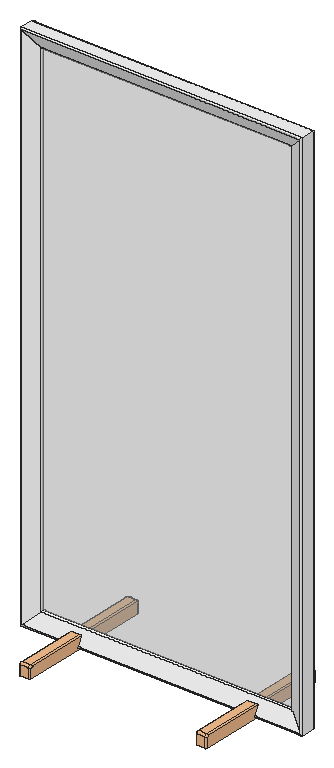
Revit family "Magnuson-Parban-Space_Divider--", category Furniture, Revit 2016
Family settings
  OmniClass Number = 23.40.20.00
  OmniClass Title = General Furniture and Specialties
  Work Plane-Based = No
  Always vertical = Yes
  Cut with Voids When Loaded = No
  Shared = No
  Room Calculation Point = No
Parameters (values of type "PARBAN-L")
  Width = 37 3/8"
  URL = "www.magnusongroup.com"
  Type Comments = "Parban"  # constant formula
  Screen Finish = MAG - Aluminum Mesh
  Salvage or Reuse = yes
  Percentage of Recycled Content = 0
  Model = "PARBAN-L"
  Manufacturer = "Magnuson Group"  # constant formula
  Low Emitting Material = yes
  Low Emitting Finish = yes
  Keynote = "12500"
  Height = 71 1/2"
  Glide Finish = MAG - Plastic Black
  Frame Finish = MAG - Paint Matte White
  Description = "Space Dividers 71 1/2\"H"
  Depth = 18"
  Base Finish = MAG - Natural Oak
  Assembly Code = "E2020200"
Types (3): name | Model | Height | Description
  (no name) | "PARBAN-L" | 71 1/2" | "Space Dividers 71 1/2\"H"
  PARBAN-L | "PARBAN-L" | 71 1/2" | "Space Dividers 71 1/2\"H"
  PARBAN-S | "PARBAN-S" | 51 1/4" | "Space Dividers 51 1/4\"H"
Reference planes (in)
  plane 1 "Center Front/Back": y = 0
  plane 2: z = 0
  plane 3 "Center Left/Right": x = 0
  plane 4: x = -18.6875
  plane 5: x = 18.6875
  plane 6: y = 9
  plane 7: y = -9
  plane 8: z = 71.5
  plane 9: z = 0.15746
  plane 10: z = 1.73227
Forms (in)
  Sweep 1, solid, material "MAG - Paint Matte White" <- "Frame Finish"
    path origin (0, 0, 0) x (1, 0, 0) y (0, 0, 1)
      loop
        line (-18.6875, 71.5) -> (-18.6875, 0.374) -> (18.6875, 0.374) -> (18.6875, 71.5) -> (-18.6875, 71.5)
    profile origin (0, 0, 71.5) x (0, 0, 1) y (0, -1, 0)
      loop
        line (0, -0.9224) -> (0, 0.92403)
        arc (0, 0.92403) -> (-0.07399, 1.05687) -> (-0.22588, 1.06391) r 0.15625
        line (-0.22588, 1.06391) -> (-2.02604, 0.16786)
        arc (-2.02604, 0.16786) -> (-2.12999, 0) -> (-2.02604, -0.16786) r 0.1875
        line (-2.02604, -0.16786) -> (-0.22734, -1.06318)
        arc (-0.22734, -1.06318) -> (-0.07446, -1.05609) -> (0, -0.9224) r 0.15726
  Sweep 2, solid, material "MAG - Natural Oak" <- "Base Finish"
    path origin (0, 0, 0) x (0, 1, 0) y (0, 0, 1)
      loop
        line (8.84375, 0.15746) -> (8.84375, 1.48227)
        arc (8.84375, 1.48227) -> (8.81629, 1.54856) -> (8.75, 1.57602) r 0.09375
        line (8.75, 1.57602) -> (-8.75, 1.57602)
        arc (-8.75, 1.57602) -> (-8.81629, 1.54856) -> (-8.84375, 1.48227) r 0.09375
        line (-8.84375, 1.48227) -> (-8.84375, 0.15746)
    profile origin (0, 0, 1.57602) x (0, 0, -1) y (1, 0, 0)
      loop
        line (-0.15625, 12.2453) -> (-0.15625, 11.17985)
        arc (-0.15625, 11.17985) -> (-0.11049, 11.06936) -> (0, 11.0236) r 0.15625
        line (0, 11.0236) -> (0.032, 11.0236) -> (0.032, 12.40155) -> (0, 12.40155)
        arc (0, 12.40155) -> (-0.11049, 12.35579) -> (-0.15625, 12.2453) r 0.15625
      loop
        arc (-0.15625, -12.2453) -> (-0.11049, -12.35579) -> (0, -12.40155) r 0.15625
        line (0, -12.40155) -> (0.032, -12.40155) -> (0.032, -11.0236) -> (0, -11.0236)
        arc (0, -11.0236) -> (-0.11049, -11.06936) -> (-0.15625, -11.17985) r 0.15625
        line (-0.15625, -11.17985) -> (-0.15625, -12.2453)
  Extrusion 3, solid, material "MAG - Natural Oak" <- "Base Finish"
    sketch origin (0, 0, 0) x (0, 1, 0) y (0, 0, 1)
      loop
        arc (-8.75, 1.54402) -> (-8.79366, 1.52593) -> (-8.81175, 1.48227) r 0.06175
        line (-8.81175, 1.48227) -> (-8.81175, 0.15746) -> (8.81175, 0.15746) -> (8.81175, 1.48227)
        arc (8.81175, 1.48227) -> (8.79366, 1.52593) -> (8.75, 1.54402) r 0.06175
        line (8.75, 1.54402) -> (-8.75, 1.54402)
    from -12.40155 to -11.0236
  Extrusion 4, solid, material "MAG - Natural Oak" <- "Base Finish"
    sketch origin (0, 0, 0) x (0, 1, 0) y (0, 0, 1)
      loop
        arc (-8.75, 1.54402) -> (-8.79366, 1.52593) -> (-8.81175, 1.48227) r 0.06175
        line (-8.81175, 1.48227) -> (-8.81175, 0.15746) -> (8.81175, 0.15746) -> (8.81175, 1.48227)
        arc (8.81175, 1.48227) -> (8.79366, 1.52593) -> (8.75, 1.54402) r 0.06175
        line (8.75, 1.54402) -> (-8.75, 1.54402)
    from 11.0236 to 12.40155
  Extrusion 5, void
    sketch origin (0, 0, 0) x (1, 0, 0) y (0, 0, 1)
      loop
        line (-12.40155, 0.15746) -> (-11.0236, 0.15746) -> (-11.0236, 1.57602)
        arc (-11.0236, 1.57602) -> (-11.06936, 1.6865) -> (-11.17985, 1.73227) r 0.15625
        line (-11.17985, 1.73227) -> (-12.2453, 1.73227)
        arc (-12.2453, 1.73227) -> (-12.35579, 1.6865) -> (-12.40155, 1.57602) r 0.15625
        line (-12.40155, 1.57602) -> (-12.40155, 0.15746)
      loop
        line (12.40155, 0.15746) -> (12.40155, 1.57602)
        arc (12.40155, 1.57602) -> (12.35579, 1.6865) -> (12.2453, 1.73227) r 0.15625
        line (12.2453, 1.73227) -> (11.17985, 1.73227)
        arc (11.17985, 1.73227) -> (11.06936, 1.6865) -> (11.0236, 1.57602) r 0.15625
        line (11.0236, 1.57602) -> (11.0236, 0.15746) -> (12.40155, 0.15746)
    from -1.18961 to 1.16526
  Extrusion 6, solid, material "MAG - Plastic Black" <- "Glide Finish"
    sketch origin (0, 0, 0) x (1, 0, 0) y (0, 1, 0)
      loop
        circle (-11.71257, 8.30707) r 0.3937
      loop
        circle (11.71257, 8.30707) r 0.3937
      loop
        circle (-11.71257, -8.30707) r 0.3937
      loop
        circle (11.71257, -8.30707) r 0.3937
    from 0 to 0.15746
  Extrusion 7, solid, material "MAG - Aluminum Mesh" <- "Screen Finish"
    sketch origin (0, 0.03852, 0) x (1, 0, 0) y (0, 0, 1)
      loop
        line (-16.66178, 69.47429) -> (-16.66178, 2.40004) -> (16.66146, 2.40004) -> (16.66146, 69.47429) -> (-16.66178, 69.47429)
    from -0.00295 to 0.08
Cuts and joins
  joined: Sweep 2, Extrusion 3, Extrusion 4
  Extrusion 5 cuts Sweep 1
Lines and regions (in)
  symbolic lines
    curve 1: line (-18.6875, 0.9224, 0) -> (-18.6875, -0.92403, 0)
    curve 2: arc (-18.6875, 0.9224, 0) -> (-18.64144, 1.0336, 0) -> (-18.53024, 1.07966, 0) r 0.15726
    curve 3: arc (-18.53125, -1.08028, 0) -> (-18.64174, -1.03451, 0) -> (-18.6875, -0.92403, 0) r 0.15625
    curve 4: line (18.6875, -0.92403, 0) -> (18.6875, 0.9224, 0)
    curve 5: arc (18.6875, 0.9224, 0) -> (18.64144, 1.0336, 0) -> (18.53024, 1.07966, 0) r 0.15726
    curve 6: arc (18.53125, -1.08028, 0) -> (18.64174, -1.03451, 0) -> (18.6875, -0.92403, 0) r 0.15625
    curve 7: line (18.53125, -1.08028, 0) -> (-18.53125, -1.08028, 0)
    curve 8: line (-18.53024, 1.07966, 0) -> (18.53024, 1.07966, 0)
    curve 9: line (12.40155, 1.07966, 0) -> (12.40155, 8.84375, 0)
    curve 10: line (12.40155, -8.84375, 0) -> (12.40155, -1.08028, 0)
    curve 11: line (11.0236, -1.08028, 0) -> (11.0236, -8.84375, 0)
    curve 12: line (11.0236, 8.84375, 0) -> (11.0236, 1.07966, 0)
    curve 13: line (11.17985, -9, 0) -> (12.2453, -9, 0)
    curve 14: line (12.2453, 9, 0) -> (11.17985, 9, 0)
    curve 15: line (-12.40155, 8.84375, 0) -> (-12.40155, 1.07966, 0)
    curve 16: line (-12.40155, -1.08028, 0) -> (-12.40155, -8.84375, 0)
    curve 17: line (-11.0236, 1.07966, 0) -> (-11.0236, 8.84375, 0)
    curve 18: line (-11.0236, -8.84375, 0) -> (-11.0236, -1.08028, 0)
    curve 19: line (-12.2453, -9, 0) -> (-11.17985, -9, 0)
    curve 20: line (-11.17985, 9, 0) -> (-12.2453, 9, 0)
    curve 21: arc (-12.40155, 8.84375, 0) -> (-12.35579, 8.95424, 0) -> (-12.2453, 9, 0) r 0.15625
    curve 22: arc (-11.17985, 9, 0) -> (-11.06936, 8.95424, 0) -> (-11.0236, 8.84375, 0) r 0.15625
    curve 23: arc (-12.40155, -8.84375, 0) -> (-12.35579, -8.95424, 0) -> (-12.2453, -9, 0) r 0.15625
    curve 24: arc (-11.17985, -9, 0) -> (-11.06936, -8.95424, 0) -> (-11.0236, -8.84375, 0) r 0.15625
    curve 25: arc (11.0236, -8.84375, 0) -> (11.06936, -8.95424, 0) -> (11.17985, -9, 0) r 0.15625
    curve 26: arc (12.2453, -9, 0) -> (12.35579, -8.95424, 0) -> (12.40155, -8.84375, 0) r 0.15625
    curve 27: arc (11.0236, 8.84375, 0) -> (11.06936, 8.95424, 0) -> (11.17985, 9, 0) r 0.15625
    curve 28: arc (12.2453, 9, 0) -> (12.35579, 8.95424, 0) -> (12.40155, 8.84375, 0) r 0.15625
  symbolic lines, style "FurnitureHiddenLines", detail levels fine
    curve 29: line (-11.0236, -1.08028, 0) -> (-11.0236, 1.07966, 0)
    curve 30: line (-12.40155, -1.08028, 0) -> (-12.40155, 1.07966, 0)
    curve 31: line (11.0236, -1.08028, 0) -> (11.0236, 1.07966, 0)
    curve 32: line (12.40155, -1.08028, 0) -> (12.40155, 1.07966, 0)
    curve 33: arc (-11.31887, -8.30707, 0) -> (-11.71257, -7.91337, 0) -> (-12.10627, -8.30707, 0) r 0.3937
    curve 34: arc (-12.10627, -8.30707, 0) -> (-11.71257, -8.70077, 0) -> (-11.31887, -8.30707, 0) r 0.3937
    curve 35: arc (12.10627, -8.30707, 0) -> (11.71257, -7.91337, 0) -> (11.31887, -8.30707, 0) r 0.3937
    curve 36: arc (11.31887, -8.30707, 0) -> (11.71257, -8.70077, 0) -> (12.10627, -8.30707, 0) r 0.3937
    curve 37: arc (12.10627, 8.30707, 0) -> (11.71257, 8.70077, 0) -> (11.31887, 8.30707, 0) r 0.3937
    curve 38: arc (11.31887, 8.30707, 0) -> (11.71257, 7.91337, 0) -> (12.10627, 8.30707, 0) r 0.3937
    curve 39: arc (-12.10627, 8.30707, 0) -> (-11.71257, 7.91337, 0) -> (-11.31887, 8.30707, 0) r 0.3937
    curve 40: arc (-11.31887, 8.30707, 0) -> (-11.71257, 8.70077, 0) -> (-12.10627, 8.30707, 0) r 0.3937
Dimensions and locks (in)
  equal spacing: plane 4, plane 3 "Center Left/Right", plane 5
  "Width": plane 4 to plane 5
  equal spacing: plane 6, plane 1 "Center Front/Back", plane 7
  "Depth": plane 6 to plane 7
  "Height": plane 8 to plane 2
  aligned and locked: level to plane 2
  aligned and locked: Extrusion 3 sketch curve to Sweep 2  (x3)
  aligned and locked: Sweep 2 to Extrusion 3
  aligned and locked: Extrusion 3 to Sweep 2
  aligned and locked: Extrusion 4 sketch curve to cut or joined group of Sweep 2, Extrusion 3, Extrusion 4  (x3)
  aligned and locked: Extrusion 4 to cut or joined group of Sweep 2, Extrusion 3, Extrusion 4
  aligned and locked: cut or joined group of Sweep 2, Extrusion 3, Extrusion 4 to Extrusion 4
  aligned and locked: Extrusion 6 to plane 2
  aligned and locked: plane 9 to Extrusion 6
  aligned and locked: Extrusion 7 sketch curve to cut or joined group of Sweep 1, Extrusion 5  (x4)
  aligned and locked: curve 2 to cut or joined group of Sweep 1, Extrusion 5
  aligned and locked: curve 3 to cut or joined group of Sweep 1, Extrusion 5
  aligned and locked: curve 5 to cut or joined group of Sweep 1, Extrusion 5
  aligned and locked: curve 6 to cut or joined group of Sweep 1, Extrusion 5
  aligned and locked: cut or joined group of Sweep 2, Extrusion 3, Extrusion 4 to curve 9
  aligned and locked: curve 10 to cut or joined group of Sweep 2, Extrusion 3, Extrusion 4
  aligned and locked: cut or joined group of Sweep 2, Extrusion 3, Extrusion 4 to curve 11
  aligned and locked: curve 12 to cut or joined group of Sweep 2, Extrusion 3, Extrusion 4
  aligned and locked: curve 13 to cut or joined group of Sweep 2, Extrusion 3, Extrusion 4
  aligned and locked: curve 14 to cut or joined group of Sweep 2, Extrusion 3, Extrusion 4
  aligned and locked: curve 15 to cut or joined group of Sweep 2, Extrusion 3, Extrusion 4
  aligned and locked: cut or joined group of Sweep 2, Extrusion 3, Extrusion 4 to curve 16
  aligned and locked: cut or joined group of Sweep 2, Extrusion 3, Extrusion 4 to curve 17
  aligned and locked: curve 18 to cut or joined group of Sweep 2, Extrusion 3, Extrusion 4
  aligned and locked: curve 19 to cut or joined group of Sweep 2, Extrusion 3, Extrusion 4
  aligned and locked: curve 20 to cut or joined group of Sweep 2, Extrusion 3, Extrusion 4
  aligned and locked: curve 21 to cut or joined group of Sweep 2, Extrusion 3, Extrusion 4
  aligned and locked: curve 22 to cut or joined group of Sweep 2, Extrusion 3, Extrusion 4
  aligned and locked: curve 23 to cut or joined group of Sweep 2, Extrusion 3, Extrusion 4
  aligned and locked: curve 24 to cut or joined group of Sweep 2, Extrusion 3, Extrusion 4
  aligned and locked: curve 25 to cut or joined group of Sweep 2, Extrusion 3, Extrusion 4
  aligned and locked: curve 26 to cut or joined group of Sweep 2, Extrusion 3, Extrusion 4
  aligned and locked: curve 27 to cut or joined group of Sweep 2, Extrusion 3, Extrusion 4
  aligned and locked: curve 28 to cut or joined group of Sweep 2, Extrusion 3, Extrusion 4
  aligned and locked: curve 29 to cut or joined group of Sweep 1, Extrusion 5
  aligned and locked: curve 30 to cut or joined group of Sweep 1, Extrusion 5
  aligned and locked: curve 32 to cut or joined group of Sweep 1, Extrusion 5
  aligned and locked: curve 33 to Extrusion 6
  aligned and locked: curve 34 to Extrusion 6
  aligned and locked: curve 35 to Extrusion 6
  aligned and locked: curve 36 to Extrusion 6
  aligned and locked: curve 37 to Extrusion 6
  aligned and locked: curve 38 to Extrusion 6
  aligned and locked: curve 39 to Extrusion 6
  aligned and locked: curve 40 to Extrusion 6
Automatic sketch dimensions
  Sweep 1 sketch curve to plane 4 = 0"
  plane 5 to Sweep 1 sketch curve = 0"
  Sweep 1 sketch curve to plane 8 = 0"
  plane 9 to Sweep 1 sketch curve = 0.21654"
  Sweep 1 sketch curve to profile plane = 0"
  profile plane to Sweep 1 sketch curve = 0"
  profile plane to Sweep 1 sketch curve = 5/32"
  Sweep 1 sketch curve to Sweep 1 sketch curve = 0.15726"
  Sweep 1 sketch curve to Sweep 1 sketch curve = 0.06963"
  Sweep 1 sketch curve to Sweep 1 sketch curve = 0.07008"
  profile plane to Sweep 1 sketch curve = 1.94249"
  profile plane to Sweep 1 sketch curve = 0.16786"
  Sweep 1 sketch curve to Sweep 1 sketch curve = 0.08355"
  Sweep 1 sketch curve to profile plane = 0.16786"
  Sweep 1 sketch curve to profile plane = 0.9224"
  profile plane to Sweep 1 sketch curve = 0.92403"
  Sweep 2 sketch curve to plane 9 = 0"  (x2)
  plane 7 to Sweep 2 sketch curve = 5/32"
  Sweep 2 sketch curve to Sweep 2 sketch curve = 3/32"  (x2)
  Sweep 2 sketch curve to plane 6 = 1/4"
  Sweep 2 sketch curve to plane 10 = 1/4"
  Sweep 2 sketch curve to profile plane = 0"  (x4)
  profile plane to Sweep 2 sketch curve = 5/32"  (x2)
  Sweep 2 sketch curve to Sweep 2 sketch curve = 0.032"  (x2)
  Sweep 2 sketch curve to profile plane = 12.40155"
  Sweep 2 sketch curve to Sweep 2 sketch curve = 1.06545"  (x2)
  profile plane to Sweep 2 sketch curve = 11.0236"
  Extrusion 3 sketch curve to plane 9 = 0"
  Extrusion 4 sketch curve to plane 9 = 0"
  Extrusion 5 sketch curve to plane 9 = 0"  (x2)
  Extrusion 5 sketch curve to plane 10 = 0"  (x2)
  plane 4 to Extrusion 5 sketch curve = 6.28595"
  Extrusion 5 sketch curve to Extrusion 5 sketch curve = 5/32"  (x2)
  Extrusion 5 sketch curve to plane 10 = 5/32"  (x2)
  Extrusion 5 sketch curve to Extrusion 5 sketch curve = 1.06545"  (x2)
  plane 5 to Extrusion 5 sketch curve = 7.6639"
  plane 7 to Extrusion 6 sketch curve = 0.69293"  (x2)
  plane 4 to Extrusion 6 sketch curve = 6.97493"  (x2)
  Extrusion 6 sketch curve to plane 6 = 0.69293"  (x2)
  plane 5 to Extrusion 6 sketch curve = 6.97493"  (x2)
  curve 20 to plane 6 = 0"
  curve 19 to plane 7 = 0"
  curve 27 to plane 6 = 0"
  curve 13 to plane 7 = 0"
  plane 7 to curve 16 = 5/32"
  plane 4 to curve 16 = 6.28595"
  curve 15 to plane 6 = 5/32"
  plane 4 to curve 15 = 6.28595"
  curve 22 to plane 6 = 5/32"
  curve 21 to curve 22 = 1.06545"
  plane 7 to curve 24 = 5/32"
  curve 23 to curve 24 = 1.06545"
  curve 12 to plane 6 = 5/32"
  curve 12 to curve 28 = 1.37795"
  plane 7 to curve 11 = 5/32"
  plane 7 to curve 26 = 5/32"
  curve 25 to curve 26 = 1.06545"
  curve 14 to curve 28 = 5/32"
  curve 31 to curve 12 = 0"
  curve 32 to curve 10 = 0"
  radius of Extrusion 6 sketch curve = 0.3937"  (x4)
